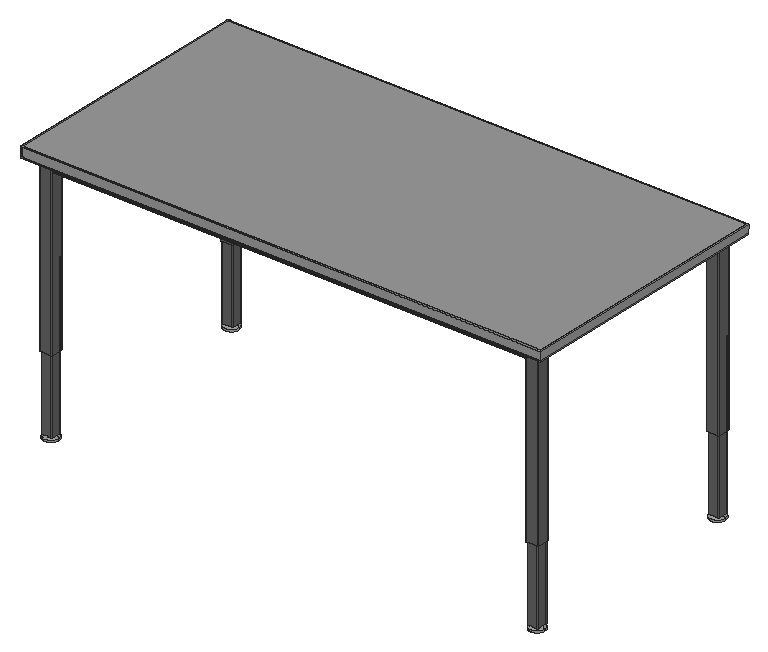
Revit family "Tutor 6030 - Adjustable", category Generic Models, Revit 2018
Family settings
  Can host rebar = No
  Round Connector Dimension = Use Diameter
  Part Type = Normal
  Work Plane-Based = No
  Always vertical = Yes
  Cut with Voids When Loaded = No
  Shared = No
  Room Calculation Point = No
Parameters
  Table Height = 2' - 5"
  Surface = Tutor 6030A Surface
  Frame Finish = Tutor Frame Charcoal
  Edgeband = Tutor 6030A Edgeband
Reference planes (in)
  plane 1 "Center (Front/Back)": y = 0
  plane 2: z = 0
  plane 3 "Center (Left/Right)": x = 0
  plane 4: z = 29
Forms (in)
  Extrusion 1, solid, material "Tutor Frame Charcoal" <- "Frame Finish"
    sketch origin (0, 0, 0) x (1, 0, 0) y (0, 1, 0)
      loop
        arc (-28.51562, 13.625) -> (-28.59296, 13.59296) -> (-28.625, 13.51562) r 0.10937
        line (-28.625, 13.51562) -> (-28.625, 12.48437)
        arc (-28.625, 12.48437) -> (-28.59296, 12.40704) -> (-28.51562, 12.375) r 0.10938
        line (-28.51562, 12.375) -> (-27.48437, 12.375)
        arc (-27.48437, 12.375) -> (-27.40704, 12.40704) -> (-27.375, 12.48437) r 0.10938
        line (-27.375, 12.48437) -> (-27.375, 13.51562)
        arc (-27.375, 13.51562) -> (-27.40704, 13.59296) -> (-27.48437, 13.625) r 0.10938
        line (-27.48437, 13.625) -> (-28.51562, 13.625)
      loop
        line (-28.51562, -13.625) -> (-27.48437, -13.625)
        arc (-27.48437, -13.625) -> (-27.40704, -13.59296) -> (-27.375, -13.51562) r 0.10938
        line (-27.375, -13.51562) -> (-27.375, -12.48437)
        arc (-27.375, -12.48437) -> (-27.40704, -12.40704) -> (-27.48437, -12.375) r 0.10938
        line (-27.48437, -12.375) -> (-28.51562, -12.375)
        arc (-28.51562, -12.375) -> (-28.59296, -12.40704) -> (-28.625, -12.48437) r 0.10938
        line (-28.625, -12.48437) -> (-28.625, -13.51562)
        arc (-28.625, -13.51562) -> (-28.59296, -13.59296) -> (-28.51562, -13.625) r 0.10937
      loop
        line (28.51562, 13.625) -> (27.48437, 13.625)
        arc (27.48437, 13.625) -> (27.40704, 13.59296) -> (27.375, 13.51562) r 0.10938
        line (27.375, 13.51562) -> (27.375, 12.48437)
        arc (27.375, 12.48437) -> (27.40704, 12.40704) -> (27.48437, 12.375) r 0.10938
        line (27.48437, 12.375) -> (28.51562, 12.375)
        arc (28.51562, 12.375) -> (28.59296, 12.40704) -> (28.625, 12.48437) r 0.10938
        line (28.625, 12.48437) -> (28.625, 13.51562)
        arc (28.625, 13.51562) -> (28.59296, 13.59296) -> (28.51562, 13.625) r 0.10937
      loop
        arc (28.51562, -13.625) -> (28.59296, -13.59296) -> (28.625, -13.51562) r 0.10937
        line (28.625, -13.51562) -> (28.625, -12.48437)
        arc (28.625, -12.48437) -> (28.59296, -12.40704) -> (28.51562, -12.375) r 0.10938
        line (28.51562, -12.375) -> (27.48437, -12.375)
        arc (27.48437, -12.375) -> (27.40704, -12.40704) -> (27.375, -12.48437) r 0.10938
        line (27.375, -12.48437) -> (27.375, -13.51562)
        arc (27.375, -13.51562) -> (27.40704, -13.59296) -> (27.48437, -13.625) r 0.10938
        line (27.48437, -13.625) -> (28.51562, -13.625)
    from 0.41992 to 19.41992
  Revolve 2, solid, material "Tutor Glides"
    sketch origin (0, -13, 0) x (1, 0, 0) y (0, 0, 1)
      loop
        line (-28, 0.41992) -> (-28, 0) -> (-27.12763, 0) -> (-27.12763, 0.17255) -> (-27.375, 0.41992) -> (-28, 0.41992)
      axis (-28, 0.41992) -> (-28, 0)
    angle from 0 to 360
  Revolve 3, solid, material "Tutor Glides"
    sketch origin (0, 13, 0) x (1, 0, 0) y (0, 0, -1)
      loop
        line (-28, -0.41992) -> (-27.375, -0.41992) -> (-27.12763, -0.17255) -> (-27.12763, 0) -> (-28, 0) -> (-28, -0.41992)
      axis (-28, -0.41992) -> (-28, 0)
    angle from 0 to 360
  Revolve 4, solid, material "Tutor Glides"
    sketch origin (0, 13, 0) x (-1, 0, 0) y (0, 0, 1)
      loop
        line (-28, 0.41992) -> (-28, 0) -> (-27.12763, 0) -> (-27.12763, 0.17255) -> (-27.375, 0.41992) -> (-28, 0.41992)
      axis (-28, 0.41992) -> (-28, 0)
    angle from 0 to 360
  Revolve 5, solid, material "Tutor Glides"
    sketch origin (0, -13, 0) x (-1, 0, 0) y (0, 0, -1)
      loop
        line (-28, -0.41992) -> (-27.375, -0.41992) -> (-27.12763, -0.17255) -> (-27.12763, 0) -> (-28, 0) -> (-28, -0.41992)
      axis (-28, -0.41992) -> (-28, 0)
    angle from 0 to 360
Dimensions and locks (in)
  "Table Height": plane 4 to level
  aligned and locked: plane 2 to level
  aligned and locked: nested 1 to plane 4
Automatic sketch dimensions
  Extrusion 1 sketch curve to plane 1 "Center (Front/Back)" = 1' - 0 31/64"
  Extrusion 1 sketch curve to plane 3 "Center (Left/Right)" = 2' - 4 5/8"
  plane 1 "Center (Front/Back)" to Extrusion 1 sketch curve = 1' - 1 33/64"
  Extrusion 1 sketch curve to Extrusion 1 sketch curve = 0' - 0"  (x3)
  Extrusion 1 sketch curve to Extrusion 1 sketch curve = 0' - 0 7/64"  (x12)
  Extrusion 1 sketch curve to Extrusion 1 sketch curve = 0' - 1 1/32"  (x10)
  plane 1 "Center (Front/Back)" to Extrusion 1 sketch curve = 1' - 0 31/64"
  plane 3 "Center (Left/Right)" to Extrusion 1 sketch curve = 2' - 3 3/8"
  Extrusion 1 sketch curve to Extrusion 1 sketch curve = 0' - 1 9/64"
  Extrusion 1 sketch curve to plane 1 "Center (Front/Back)" = 1' - 0 3/8"
  Revolve 2 sketch curve to level = 0' - 0"
  level to Revolve 2 sketch curve = 0' - 0.41992"
  Revolve 2 sketch curve to plane 3 "Center (Left/Right)" = 2' - 4"
  Revolve 2 sketch curve to Revolve 2 sketch curve = 0' - 0 5/8"
  Revolve 2 sketch curve to Revolve 2 sketch curve = 0' - 0.24737"
  Revolve 2 sketch curve to Revolve 2 sketch curve = 0' - 0.17255"
  Revolve 2 sketch curve to Revolve 2 sketch curve = 0' - 0"  (x2)
  Revolve 2 sketch curve to level = 0' - 0.33008"
  Revolve 3 sketch curve to level = 0' - 0"
  level to Revolve 3 sketch curve = 0' - 0.41992"
  Revolve 3 sketch curve to plane 3 "Center (Left/Right)" = 2' - 4"
  Revolve 3 sketch curve to Revolve 3 sketch curve = 0' - 0 5/8"
  Revolve 3 sketch curve to Revolve 3 sketch curve = 0' - 0.24737"
  Revolve 3 sketch curve to Revolve 3 sketch curve = 0' - 0.17255"
  Revolve 3 sketch curve to Revolve 3 sketch curve = 0' - 0"  (x2)
  Revolve 3 sketch curve to level = 0' - 0.33008"
  Revolve 4 sketch curve to level = 0' - 0"
  level to Revolve 4 sketch curve = 0' - 0.41992"
  plane 3 "Center (Left/Right)" to Revolve 4 sketch curve = 2' - 4"
  Revolve 4 sketch curve to Revolve 4 sketch curve = 0' - 0 5/8"
  Revolve 4 sketch curve to Revolve 4 sketch curve = 0' - 0.24737"
  Revolve 4 sketch curve to Revolve 4 sketch curve = 0' - 0.17255"
  Revolve 4 sketch curve to Revolve 4 sketch curve = 0' - 0"  (x2)
  Revolve 4 sketch curve to level = 0' - 0.33008"
  Revolve 5 sketch curve to level = 0' - 0"
  level to Revolve 5 sketch curve = 0' - 0.41992"
  plane 3 "Center (Left/Right)" to Revolve 5 sketch curve = 2' - 4"
  Revolve 5 sketch curve to Revolve 5 sketch curve = 0' - 0 5/8"
  Revolve 5 sketch curve to Revolve 5 sketch curve = 0' - 0.24737"
  Revolve 5 sketch curve to Revolve 5 sketch curve = 0' - 0.17255"
  Revolve 5 sketch curve to Revolve 5 sketch curve = 0' - 0"  (x2)
  Revolve 5 sketch curve to level = 0' - 0.33008"
Nested families (in)
  nested 1: "Tutor 6030A Top" at (0, 0, -6.54492), type "Tutor 6030A Top"
Definition of nested family "Tutor 6030A Top"
  Parameters (values of type "Tutor 6030A Top")
    Surface = none
    Frame Finish = none
    Edgeband = none
  Reference planes (in)
    plane 1 "Center (Front/Back)": y = 0
    plane 2: z = 0
    plane 3 "Center (Left/Right)": x = 0
  Forms (in)
    Extrusion 1, solid, material <- "Frame Finish"
      sketch origin (0, 0, 0) x (1, 0, 0) y (0, 0, 1)
        loop
          arc (-27.35, 34.29492) -> (-27.27929, 34.32421) -> (-27.25, 34.39492) r 0.1
          line (-27.25, 34.39492) -> (-27.25, 35.44492)
          arc (-27.25, 35.44492) -> (-27.27929, 35.51563) -> (-27.35, 35.54492) r 0.1
          line (-27.35, 35.54492) -> (-28.4, 35.54492)
          arc (-28.4, 35.54492) -> (-28.47071, 35.51563) -> (-28.5, 35.44492) r 0.1
          line (-28.5, 35.44492) -> (-28.5, 34.39492)
          arc (-28.5, 34.39492) -> (-28.47071, 34.32421) -> (-28.4, 34.29492) r 0.1
          line (-28.4, 34.29492) -> (-27.35, 34.29492)
        loop
          line (27.35, 34.29492) -> (28.4, 34.29492)
          arc (28.4, 34.29492) -> (28.47071, 34.32421) -> (28.5, 34.39492) r 0.1
          line (28.5, 34.39492) -> (28.5, 35.44492)
          arc (28.5, 35.44492) -> (28.47071, 35.51563) -> (28.4, 35.54492) r 0.1
          line (28.4, 35.54492) -> (27.35, 35.54492)
          arc (27.35, 35.54492) -> (27.27929, 35.51563) -> (27.25, 35.44492) r 0.1
          line (27.25, 35.44492) -> (27.25, 34.39492)
          arc (27.25, 34.39492) -> (27.27929, 34.32421) -> (27.35, 34.29492) r 0.1
      from -12.25 to 12.25
    Extrusion 2, solid, material <- "Frame Finish"
      sketch origin (0, 0, 0) x (0, 1, 0) y (0, 0, 1)
        loop
          arc (13.4, 34.29492) -> (13.47071, 34.32421) -> (13.5, 34.39492) r 0.1
          line (13.5, 34.39492) -> (13.5, 35.44492)
          arc (13.5, 35.44492) -> (13.47071, 35.51563) -> (13.4, 35.54492) r 0.1
          line (13.4, 35.54492) -> (12.35, 35.54492)
          arc (12.35, 35.54492) -> (12.27929, 35.51563) -> (12.25, 35.44492) r 0.1
          line (12.25, 35.44492) -> (12.25, 34.39492)
          arc (12.25, 34.39492) -> (12.27929, 34.32421) -> (12.35, 34.29492) r 0.1
          line (12.35, 34.29492) -> (13.4, 34.29492)
        loop
          line (-13.4, 34.29492) -> (-12.35, 34.29492)
          arc (-12.35, 34.29492) -> (-12.27929, 34.32421) -> (-12.25, 34.39492) r 0.1
          line (-12.25, 34.39492) -> (-12.25, 35.44492)
          arc (-12.25, 35.44492) -> (-12.27929, 35.51563) -> (-12.35, 35.54492) r 0.1
          line (-12.35, 35.54492) -> (-13.4, 35.54492)
          arc (-13.4, 35.54492) -> (-13.47071, 35.51563) -> (-13.5, 35.44492) r 0.1
          line (-13.5, 35.44492) -> (-13.5, 34.39492)
          arc (-13.5, 34.39492) -> (-13.47071, 34.32421) -> (-13.4, 34.29492) r 0.1
      from -27.25 to 27.25
    Extrusion 3, solid, material <- "Surface"
      sketch origin (0, 0, 0) x (1, 0, 0) y (0, 1, 0)
        loop
          line (29.88189, 14.79339) -> (-29.88189, 14.79339) -> (-29.88189, -14.79339) -> (29.88189, -14.79339) -> (29.88189, 14.79339)
      from 35.54492 to 36.74492
    Sweep 4, solid, material <- "Edgeband"
      path origin (0, 0, 0) x (1, 0, 0) y (0, 1, 0)
        loop
          line (29.88189, 14.79339) -> (-29.88189, 14.79339) -> (-29.88189, -14.79339) -> (29.88189, -14.79339) -> (29.88189, 14.79339)
      profile origin (0, 14.79339, 0) x (0, -1, 0) y (0, 0, 1)
        loop
          arc (0, 36.74492) -> (-0.08352, 36.71033) -> (-0.11811, 36.62681) r 0.11811
          line (-0.11811, 36.62681) -> (-0.11811, 35.66303)
          arc (-0.11811, 35.66303) -> (-0.08352, 35.57952) -> (0, 35.54492) r 0.11811
          line (0, 35.54492) -> (0, 36.74492)
    Extrusion 5, solid, material <- "Frame Finish"
      sketch origin (0, 0, 0) x (1, 0, 0) y (0, 1, 0)
        loop
          arc (27.375, 13.75) -> (27.28661, 13.71339) -> (27.25, 13.625) r 0.125
          line (27.25, 13.625) -> (27.25, 12.375)
          arc (27.25, 12.375) -> (27.28661, 12.28661) -> (27.375, 12.25) r 0.125
          line (27.375, 12.25) -> (28.625, 12.25)
          arc (28.625, 12.25) -> (28.71339, 12.28661) -> (28.75, 12.375) r 0.125
          line (28.75, 12.375) -> (28.75, 13.625)
          arc (28.75, 13.625) -> (28.71339, 13.71339) -> (28.625, 13.75) r 0.125
          line (28.625, 13.75) -> (27.375, 13.75)
        loop
          line (27.375, -13.75) -> (28.625, -13.75)
          arc (28.625, -13.75) -> (28.71339, -13.71339) -> (28.75, -13.625) r 0.125
          line (28.75, -13.625) -> (28.75, -12.375)
          arc (28.75, -12.375) -> (28.71339, -12.28661) -> (28.625, -12.25) r 0.125
          line (28.625, -12.25) -> (27.375, -12.25)
          arc (27.375, -12.25) -> (27.28661, -12.28661) -> (27.25, -12.375) r 0.125
          line (27.25, -12.375) -> (27.25, -13.625)
          arc (27.25, -13.625) -> (27.28661, -13.71339) -> (27.375, -13.75) r 0.125
        loop
          line (-27.375, 13.75) -> (-28.625, 13.75)
          arc (-28.625, 13.75) -> (-28.71339, 13.71339) -> (-28.75, 13.625) r 0.125
          line (-28.75, 13.625) -> (-28.75, 12.375)
          arc (-28.75, 12.375) -> (-28.71339, 12.28661) -> (-28.625, 12.25) r 0.125
          line (-28.625, 12.25) -> (-27.375, 12.25)
          arc (-27.375, 12.25) -> (-27.28661, 12.28661) -> (-27.25, 12.375) r 0.125
          line (-27.25, 12.375) -> (-27.25, 13.625)
          arc (-27.25, 13.625) -> (-27.28661, 13.71339) -> (-27.375, 13.75) r 0.125
        loop
          arc (-27.375, -13.75) -> (-27.28661, -13.71339) -> (-27.25, -13.625) r 0.125
          line (-27.25, -13.625) -> (-27.25, -12.375)
          arc (-27.25, -12.375) -> (-27.28661, -12.28661) -> (-27.375, -12.25) r 0.125
          line (-27.375, -12.25) -> (-28.625, -12.25)
          arc (-28.625, -12.25) -> (-28.71339, -12.28661) -> (-28.75, -12.375) r 0.125
          line (-28.75, -12.375) -> (-28.75, -13.625)
          arc (-28.75, -13.625) -> (-28.71339, -13.71339) -> (-28.625, -13.75) r 0.125
          line (-28.625, -13.75) -> (-27.375, -13.75)
      from 15.54492 to 35.54492
  Dimensions and locks (in)
    aligned and locked: plane 2 to level
